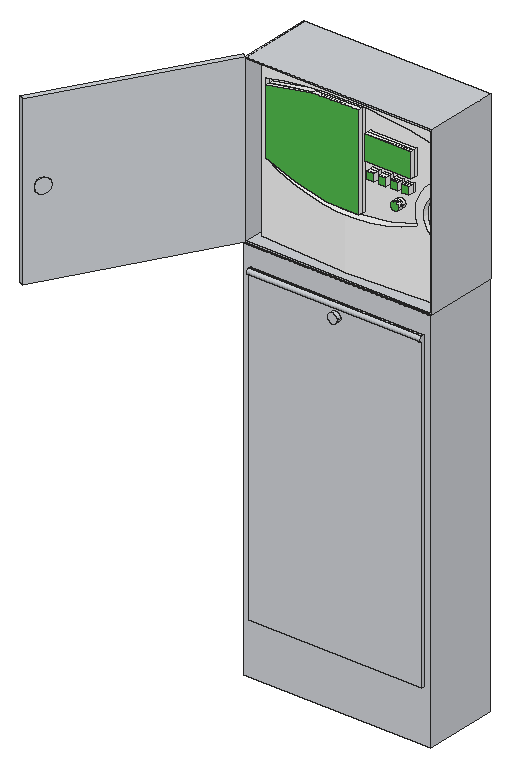
Revit family "Controller ESP-LXME", category Dispositivos de dados, Revit 2020
Family settings
  Manter orientação da anotação = Não
  Cota do conector redondo = Utilizar diâmetro
  Tipo de parte = Normal
  Número OmniClass = 23.85.50.00
  Título OmniClass = Communication Systems
  Com base no plano de trabalho = Não
  Sempre na vertical = Sim
  Corte com vazios quando carregada = Não
  Compartilhado = Não
  Ponto de cálculo do ambiente = Não
Parameters (values of type "LXBASEMOD")
  URL = "www.rainbird.com"
  SupportProjetos: Review Date = ""  # constant formula
  SupportProjetos: Review = "R00"  # constant formula
  SupportProjetos: Level of Detail = "LOD 300"  # constant formula
  SupportProjetos: Developed = "MICHEL SOARES MOTA"  # constant formula
  SupportProjetos: Creation Date = "16/09/2020"  # constant formula
  RainBird: Product Link = "www.rainbird.com"
  RainBird: Description = "LXBASEMOD"
  RainBird: Comment = ""
  RainBird: Code = "F42230"  # constant formula
  Modelo = "LXBASEMOD"
  LXMMPED [instance] = yes
  LXMM [instance] = yes
  DTT2 = 120 mm
  Tipo de imagem = esp-lxme_no_cover_straight_cc.jpg
  Valve feed output [instance] = 10 mm
  Depth = 129.561 mm
  Power = 29.5 VA
  DTT1 [instance] = (Number for ESPLXMSM8) * (8) + (Number for ESPLXMSm12) * (12)  # 40
  Número de Saídas [instance] = if(DTT1 < 48, DTT1, 0)  # 40
  Width = 364 mm
  Power Supply [instance] = 10 mm
  Elevação padrão = 0 mm
  Number for ESPLXMSm12 [instance] = 2
  Number for ESPLXMSM8 [instance] = 2
  Corrente de Saída = 1.9 A
  Electrical Connection [instance] = 10 mm
  Height from base = 800 mm
  Heigth = 322 mm
  Type Comments = RainBird: Comment  # ""
  Supply = 120 VA
Types (8, lengths in mm): name | RainBird: Description | Modelo | LXMM
  ESP8LXME | "ESP8LXME" | "ESP8LXME" | no
  IESP8LXME | "IESP8LXME" | "IESP8LXME" | yes
  ESP12LXMEF | "ESP12LXMEF" | "ESP12LXMEF" | yes
  I12LXMEF | "I12LXMEF" | "I12LXMEF" | yes
  ESPLXMSM12 | "ESPLXMSM12" | "ESPLXMSM12" | yes
  ESPLXMSM8 | "ESPLXMSM8" | "ESPLXMSM8" | yes
  FSMLXME | "FSMLXME" | "FSMLXME" | yes
  LXBASEMOD | "LXBASEMOD" | "LXBASEMOD" | yes
Reference planes
  plane 1 "Centro (Frente/Trás)": y = 0
  plane 2: z = 0
  plane 3 "Centro (Esquerda/Direita)": x = 0
Forms (mm)
  Extrusion 1, solid
    sketch origin (0, 0, 0) x (1, 0, 0) y (0, 1, 0)
      loop
        line (-182, 0) -> (-182, -120)
        arc (-182, -120) -> (0, -129.561) -> (182, -120) r 1736.939
        line (182, -120) -> (182, 0) -> (-182, 0)
    from 800 to 1122
  Extrusion 2, void
    sketch origin (0, 0, 0) x (1, 0, 0) y (0, 0, 1)
      loop
        line (38.45, 1069.296) -> (38.45, 1019.296) -> (133.45, 1019.296) -> (133.45, 1069.296) -> (38.45, 1069.296)
      loop
        line (43.39, 1003.455) -> (43.39, 988.455) -> (58.39, 988.455) -> (58.39, 1003.455) -> (43.39, 1003.455)
      loop
        line (67.765, 1003.455) -> (67.765, 988.455) -> (82.765, 988.455) -> (82.765, 1003.455) -> (67.765, 1003.455)
      loop
        line (92.14, 1003.455) -> (92.14, 988.455) -> (107.14, 988.455) -> (107.14, 1003.455) -> (92.14, 1003.455)
      loop
        line (114.64, 1003.455) -> (114.64, 988.455) -> (129.64, 988.455) -> (129.64, 1003.455) -> (114.64, 1003.455)
      loop
        circle (101.06, 958.044) r 8.598
      loop
        arc (26.271, 1110.18) -> (-69.781, 1107.865) -> (-163.999, 1089.039) r 555.728
        line (-163.999, 1089.039) -> (-163.999, 954.039)
        arc (-163.999, 954.039) -> (-71.282, 922.77) -> (26.271, 915.18) r 396.157
        line (26.271, 915.18) -> (26.271, 1110.18)
      loop
        line (-171.717, 1094.346) -> (-171.717, 949.346)
        arc (-171.717, 949.346) -> (-16.556, 906.905) -> (142.136, 933.228) r 375.813
        arc (142.136, 933.228) -> (141.692, 980.42) -> (168.45, 1019.296) r 78.303
        line (168.45, 1019.296) -> (168.45, 1094.346)
        arc (168.45, 1094.346) -> (-1.633, 1118.857) -> (-171.717, 1094.346) r 602.362
      loop
        arc (182, 1003.455) -> (154.868, 958.455) -> (182, 913.455) r 50.883
        line (182, 913.455) -> (182, 1003.455)
    from 113.937 to 131.163
  Extrusion 3, solid
    sketch origin (-440, 0, 0) x (1, 0, 0) y (0, 0, 1)
      loop
        arc (466.271, 1110.18) -> (370.219, 1107.865) -> (276.001, 1089.039) r 555.728
        line (276.001, 1089.039) -> (276.001, 954.039)
        arc (276.001, 954.039) -> (368.718, 922.77) -> (466.271, 915.18) r 396.157
        line (466.271, 915.18) -> (466.271, 1110.18)
      loop
        line (478.45, 1069.296) -> (478.45, 1019.296) -> (573.45, 1019.296) -> (573.45, 1069.296) -> (478.45, 1069.296)
      loop
        line (569.64, 988.455) -> (569.64, 1003.455) -> (554.64, 1003.455) -> (554.64, 988.455) -> (569.64, 988.455)
      loop
        line (547.14, 1003.455) -> (532.14, 1003.455) -> (532.14, 988.455) -> (547.14, 988.455) -> (547.14, 1003.455)
      loop
        line (507.765, 1003.455) -> (507.765, 988.455) -> (522.765, 988.455) -> (522.765, 1003.455) -> (507.765, 1003.455)
      loop
        line (498.39, 1003.455) -> (483.39, 1003.455) -> (483.39, 988.455) -> (498.39, 988.455) -> (498.39, 1003.455)
      loop
        circle (541.06, 958.044) r 8.598
    from 121.064 to 130.349
  Extrusion 4, solid
    sketch origin (96.723, 0, 0) x (1, 0, 0) y (0, 1, 0)
      loop
        circle (0, -61.428) r 10
    from 798.797 to 800
  Extrusion 5, solid
    sketch origin (-79.346, 0, 0) x (1, 0, 0) y (0, 1, 0)
      loop
        circle (0, -61.428) r 10
    from 798.797 to 800
Cuts and joins
  Extrusion 2 cuts Extrusion 1
Dimensions and locks
  "Width": Extrusion 1 sketch curve to Extrusion 1 sketch curve
  equal spacing: Extrusion 1 sketch curve, plane 3 "Centro (Esquerda/Direita)", Extrusion 1 sketch curve
  "DTT2": Extrusion 1 sketch curve to Extrusion 1 sketch curve  (x2)
  "Depth": Extrusion 1 sketch curve to Extrusion 1 sketch curve
  "Heigth": Extrusion 1 to Extrusion 1
  "Height from base": Extrusion 1 to level
  locked: cut or joined group of Extrusion 1, Extrusion 2 to Extrusion 4 at 1.203
  "Valve feed output": radius of Extrusion 4 sketch curve
  "Power Supply": radius of Extrusion 5 sketch curve
  aligned and locked: level to plane 2
  aligned and locked: plane 1 "Centro (Frente/Trás)" to Extrusion 1 sketch curve
  aligned and locked: Extrusion 4 to cut or joined group of Extrusion 1, Extrusion 2
Automatic sketch dimensions
  Extrusion 2 sketch curve to plane 3 "Centro (Esquerda/Direita)" = 171.717 mm
  Extrusion 2 sketch curve to Extrusion 2 sketch curve = 7.717 mm
  Extrusion 2 sketch curve to plane 3 "Centro (Esquerda/Direita)" = 8.412 mm
  Extrusion 2 sketch curve to plane 3 "Centro (Esquerda/Direita)" = 1.633 mm
  plane 3 "Centro (Esquerda/Direita)" to Extrusion 2 sketch curve = 2.718 mm
  plane 3 "Centro (Esquerda/Direita)" to Extrusion 2 sketch curve = 7.989 mm
  plane 3 "Centro (Esquerda/Direita)" to Extrusion 2 sketch curve = 26.271 mm
  plane 3 "Centro (Esquerda/Direita)" to Extrusion 2 sketch curve = 38.45 mm
  Extrusion 2 sketch curve to Extrusion 2 sketch curve = 4.94 mm
  Extrusion 2 sketch curve to Extrusion 2 sketch curve = 15 mm  (x5)
  Extrusion 2 sketch curve to Extrusion 2 sketch curve = 9.375 mm  (x2)
  Extrusion 2 sketch curve to Extrusion 2 sketch curve = 8.92 mm
  Extrusion 2 sketch curve to Extrusion 2 sketch curve = 7.5 mm
  Extrusion 2 sketch curve to Extrusion 2 sketch curve = 3.81 mm
  Extrusion 2 sketch curve to Extrusion 2 sketch curve = 35 mm
  Extrusion 2 sketch curve to Extrusion 2 sketch curve = 13.55 mm
  Extrusion 2 sketch curve to Extrusion 2 sketch curve = 23.751 mm
  Extrusion 2 sketch curve to Extrusion 2 sketch curve = 10.823 mm
  level to Extrusion 2 sketch curve = 516.495 mm
  Extrusion 2 sketch curve to Extrusion 2 sketch curve = 39.041 mm
  Extrusion 2 sketch curve to Extrusion 2 sketch curve = 357.919 mm
  Extrusion 2 sketch curve to Extrusion 2 sketch curve = 1.726 mm
  Extrusion 2 sketch curve to Extrusion 2 sketch curve = 34.165 mm
  Extrusion 2 sketch curve to Extrusion 2 sketch curve = 4.694 mm
  Extrusion 2 sketch curve to Extrusion 2 sketch curve = 44.072 mm
  Extrusion 2 sketch curve to Extrusion 2 sketch curve = 42.863 mm
  Extrusion 2 sketch curve to Extrusion 2 sketch curve = 0.928 mm
  Extrusion 2 sketch curve to Extrusion 2 sketch curve = 30.411 mm  (x2)
  Extrusion 2 sketch curve to Extrusion 2 sketch curve = 0 mm  (x5)
  Extrusion 2 sketch curve to Extrusion 2 sketch curve = 15.841 mm  (x2)
  Extrusion 2 sketch curve to Extrusion 2 sketch curve = 50 mm
  Extrusion 2 sketch curve to Extrusion 2 sketch curve = 135 mm
  Extrusion 2 sketch curve to Extrusion 2 sketch curve = 25.05 mm
  Extrusion 2 sketch curve to Extrusion 2 sketch curve = 28.692 mm
  Extrusion 3 sketch curve to Extrusion 3 sketch curve = 0 mm  (x6)
  Extrusion 3 sketch curve to plane 3 "Centro (Esquerda/Direita)" = 163.999 mm
  Extrusion 3 sketch curve to plane 3 "Centro (Esquerda/Direita)" = 8.412 mm
  plane 3 "Centro (Esquerda/Direita)" to Extrusion 3 sketch curve = 7.989 mm
  plane 3 "Centro (Esquerda/Direita)" to Extrusion 3 sketch curve = 26.271 mm
  plane 3 "Centro (Esquerda/Direita)" to Extrusion 3 sketch curve = 38.45 mm
  Extrusion 3 sketch curve to Extrusion 3 sketch curve = 4.94 mm
  Extrusion 3 sketch curve to Extrusion 3 sketch curve = 15 mm  (x6)
  Extrusion 3 sketch curve to Extrusion 3 sketch curve = 9.375 mm  (x2)
  Extrusion 3 sketch curve to Extrusion 3 sketch curve = 8.92 mm
  Extrusion 3 sketch curve to Extrusion 3 sketch curve = 7.5 mm
  Extrusion 3 sketch curve to Extrusion 3 sketch curve = 3.81 mm
  level to Extrusion 3 sketch curve = 555.536 mm
  Extrusion 3 sketch curve to Extrusion 3 sketch curve = 359.645 mm
  Extrusion 3 sketch curve to Extrusion 3 sketch curve = 38.859 mm
  Extrusion 3 sketch curve to Extrusion 3 sketch curve = 42.863 mm
  Extrusion 3 sketch curve to Extrusion 3 sketch curve = 30.411 mm  (x2)
  Extrusion 3 sketch curve to Extrusion 3 sketch curve = 15.841 mm
  Extrusion 3 sketch curve to Extrusion 3 sketch curve = 50 mm
  Extrusion 3 sketch curve to Extrusion 3 sketch curve = 135 mm
  Extrusion 3 sketch curve to Extrusion 3 sketch curve = 8.598 mm
  plane 3 "Centro (Esquerda/Direita)" to Extrusion 4 sketch curve = 96.723 mm
  plane 1 "Centro (Frente/Trás)" to Extrusion 4 sketch curve = 61.428 mm
  Extrusion 5 sketch curve to plane 3 "Centro (Esquerda/Direita)" = 79.346 mm
  plane 1 "Centro (Frente/Trás)" to Extrusion 5 sketch curve = 61.428 mm
  radius of Extrusion 2 sketch curve = 8.598 mm
Nested families
  nested 1: "LXMM" at (0, 0, 0), visible <- "LXMM", type "LXMM"
  nested 2: "LXMMPED" at (0, 0, 0), visible <- "LXMMPED", type "LXMMPED"
Connectors
  electrical at (96.723, -61.428, 798.797)
    settings: on Extrusion 4, index 1, voltage 0 V, apparent load 0 VA, apparent load phase1 0 VA, apparent load phase2 0 VA, apparent load phase3 0 VA, power factor 1, load classification "Outro", number of poles 1, system type 13, power factor state 1, is connector primary no, connector utility no, sub classification motor no, connector description ""
  electrical at (-79.346, -61.428, 798.797)
    settings: on Extrusion 5, index 2, voltage 120 V, apparent load 0 VA, apparent load phase1 0 VA, apparent load phase2 0 VA, apparent load phase3 0 VA, power factor 1, load classification "Potência", number of poles 1, system type 31, power factor state 0, is connector primary yes, connector utility no, sub classification motor no, connector description ""
  cabletrayconduit at (96.723, -61.428, 798.797), diameter 10, driven by "Valve feed output"
    settings: on Extrusion 4, index 3, connector width 300 mm, connector height 300 mm, connector angle 0.00°, system type 32, placement type 0, profile type 0, connector reference index -1, is primary connector yes, connector utility param no, connector description ""
  cabletrayconduit at (-79.346, -61.428, 798.797), diameter 10, driven by "Power Supply"
    settings: on Extrusion 5, index 4, connector width 300 mm, connector height 300 mm, connector angle 0.00°, system type 32, placement type 0, profile type 0, connector reference index -1, is primary connector no, connector utility param no, connector description ""
Definition of nested family "LXMM"
  Parameters (values of type "LXMM")
    x = 2 mm
    w = 798 mm
    l = 380 mm
    h = 342 mm
    b = 150 mm
    URL = "www.rainbird.com"
    SupportProjetos: Review Date = ""  # constant formula
    SupportProjetos: Review = "R00"  # constant formula
    SupportProjetos: Level of Detail = "LOD300"  # constant formula
    SupportProjetos: Developed = "MICHEL SOARES MOTA"  # constant formula
    SupportProjetos: Creation Date = "14/09/2020"  # constant formula
    RainBird: Product Link = "www.rainbird.com"
    RainBird: Description = "LXMM"
    RainBird: Comment = ""
    RainBird: Code = "F42400"  # constant formula
    Model = "LXMM"
    L = 384 mm
    Default Elevation = 0 mm
    Type Comments = RainBird: Description  # "LXMM"
    B = 152 mm
  Reference planes
    plane 1 "Centro (Frente/Trás)": y = 0
    plane 2: z = 0
    plane 3 "Centro (Esquerda/Direita)": x = 0
  Forms (mm)
    Extrusion 1, void
      sketch origin (0, 0, 0) x (1, 0, 0) y (0, 1, 0)
        loop
          line (-190, 0) -> (-190, -150) -> (190, -150) -> (190, 0) -> (-190, 0)
      from 800 to 1138
    Extrusion 2, solid
      sketch origin (0, 0, 0) x (1, 0, 0) y (0, 1, 0)
        loop
          line (-192, 2) -> (-192, -150) -> (192, -150) -> (192, 2) -> (-192, 2)
      from 798 to 1140
    Extrusion 3, solid
      sketch origin (0, 0, 0) x (1, 0, 0) y (0, 1, 0)
        loop
          line (-192, -150) -> (-200.66, -145) -> (-392.66, -477.554) -> (-384, -482.554) -> (-192, -150)
      from 798 to 1140
    Extrusion 4, solid
      sketch origin (-158.096, -391.277, 0) x (-0.5, -0.866025, 0) y (0, 0, 1)
        loop
          circle (157.422, 975.133) r 15
      from 145.93 to 165
  Cuts and joins
    Extrusion 1 cuts Extrusion 2
    joined: Extrusion 3, Extrusion 4
  Dimensions and locks
    "l": Extrusion 1 sketch curve to Extrusion 1 sketch curve
    equal spacing: Extrusion 1 sketch curve, plane 3 "Centro (Esquerda/Direita)", Extrusion 1 sketch curve
    "b": Extrusion 1 sketch curve to Extrusion 1 sketch curve
    equal spacing: Extrusion 2 sketch curve, plane 3 "Centro (Esquerda/Direita)", Extrusion 2 sketch curve
    "L": Extrusion 2 sketch curve to Extrusion 2 sketch curve
    "x": Extrusion 2 sketch curve to Extrusion 1
    "h": Extrusion 2 to Extrusion 2
    "w": Extrusion 2 to level
    "x": Extrusion 2 to Extrusion 1
    "x": Extrusion 1 to Extrusion 2
    aligned and locked: level to plane 2
    aligned and locked: Extrusion 2 sketch curve to Extrusion 1
    aligned and locked: Extrusion 2 to Extrusion 3
    aligned and locked: Extrusion 3 to Extrusion 2
  Automatic sketch dimensions
    Extrusion 3 sketch curve to plane 3 "Centro (Esquerda/Direita)" = 392.66 mm
    Extrusion 3 sketch curve to Extrusion 3 sketch curve = 8.66 mm
    Extrusion 3 sketch curve to plane 3 "Centro (Esquerda/Direita)" = 200.66 mm
    plane 1 "Centro (Frente/Trás)" to Extrusion 3 sketch curve = 482.554 mm
    Extrusion 3 sketch curve to Extrusion 3 sketch curve = 5 mm
    level to Extrusion 4 sketch curve = 975.133 mm
    plane 1 "Centro (Frente/Trás)" to Extrusion 1 sketch curve = 0 mm
    radius of Extrusion 4 sketch curve = 15 mm
Definition of nested family "LXMMPED"
  Parameters (values of type "LXMMPED")
    l = 384 mm
    h = 798 mm
    es = 152 mm
    URL = "www.rainbird.com"
    SupportProjetos: Review Date = ""  # constant formula
    SupportProjetos: Review = "R00"  # constant formula
    SupportProjetos: Level of Detail = "LOD300"  # constant formula
    SupportProjetos: Developed = "MICHEL SOARES MOTA"  # constant formula
    SupportProjetos: Creation Date = "17/09/2020"  # constant formula
    RainBird: Product Link = "www.rainbird.com"
    RainBird: Description = "LXMMPED"
    RainBird: Comment = ""
    RainBird: Code = "F42410"  # constant formula
    Model = "LXMMPED"
    Default Elevation = 0 mm
    Type Comments = RainBird: Description  # "LXMMPED"
  Reference planes
    plane 1 "Centro (Frente/Trás)": y = 0
    plane 2: z = 0
    plane 3 "Centro (Esquerda/Direita)": x = 0
  Forms (mm)
    Extrusion 1, solid
      sketch origin (0, 0, 0) x (1, 0, 0) y (0, 1, 0)
        loop
          line (-192, 0) -> (-192, -152) -> (192, -152) -> (192, 0) -> (-192, 0)
      from 0 to 798
    Extrusion 2, solid
      sketch origin (0, 0, 0) x (1, 0, 0) y (0, 1, 0)
        loop
          line (-178.527, -152) -> (-178.527, -156.677) -> (178.527, -156.677) -> (178.527, -152) -> (-178.527, -152)
      from 109.537 to 758.001
    Extrusion 3, solid
      sketch origin (0, 0, -12.5) x (1, 0, 0) y (0, 0, 1)
        loop
          circle (0, 743.344) r 10
      from 152 to 164.234
    Extrusion 4, solid
      sketch origin (0, 0, 0) x (0, 1, 0) y (0, 0, 1)
        loop
          arc (-156.677, 757.318) -> (-161.851, 751.923) -> (-156.677, 746.528) r 5.399
          line (-156.677, 746.528) -> (-156.677, 757.318)
      from -178.527 to 178.527
  Cuts and joins
    joined: Extrusion 2, Extrusion 3, Extrusion 4
  Dimensions and locks
    equal spacing: Extrusion 1 sketch curve, plane 3 "Centro (Esquerda/Direita)", Extrusion 1 sketch curve
    "l": Extrusion 1 sketch curve to Extrusion 1 sketch curve
    "es": Extrusion 1 sketch curve to Extrusion 1 sketch curve
    equal spacing: Extrusion 2 sketch curve, plane 3 "Centro (Esquerda/Direita)", Extrusion 2 sketch curve
    "h": Extrusion 1 to Extrusion 1
    aligned and locked: level to plane 2
    aligned and locked: plane 1 "Centro (Frente/Trás)" to Extrusion 1 sketch curve
    aligned and locked: Extrusion 1 to level
  Automatic sketch dimensions
    plane 1 "Centro (Frente/Trás)" to Extrusion 2 sketch curve = 156.677 mm
    Extrusion 2 sketch curve to Extrusion 2 sketch curve = 4.677 mm
    Extrusion 2 sketch curve to plane 3 "Centro (Esquerda/Direita)" = 178.527 mm
    Extrusion 3 sketch curve to plane 3 "Centro (Esquerda/Direita)" = 0 mm
    level to Extrusion 3 sketch curve = 730.844 mm
    plane 1 "Centro (Frente/Trás)" to Extrusion 4 sketch curve = 156.451 mm
    level to Extrusion 4 sketch curve = 751.923 mm
    Extrusion 4 sketch curve to Extrusion 4 sketch curve = 0.226 mm
    Extrusion 4 sketch curve to Extrusion 4 sketch curve = 5.395 mm
    radius of Extrusion 3 sketch curve = 10 mm
